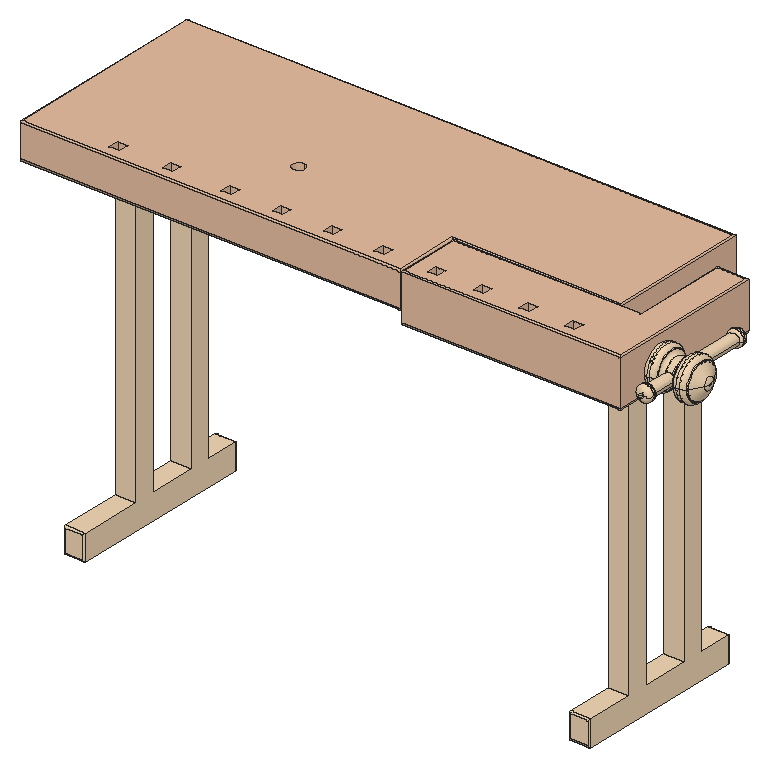
Revit family "Furniture_Other_Sjobergs_Workbench_750", category Furniture, Revit 2017
Family settings
  OmniClass Number = 23.40.70.14
  OmniClass Title = Retail and Commercial Equipment and Furnishings
  Work Plane-Based = No
  Always vertical = Yes
  Cut with Voids When Loaded = No
  Shared = No
  Room Calculation Point = No
Parameters (values of type "33074 Sjoberg Complete Working Height 750 mm")
  Weight = "21 kg + 11 kg"
  WarrantyStartDate [instance] = "n/a"
  WarrantyGuarantorParts = "n/a"
  WarrantyGuarantorLabor = "n/a"
  WarrantyDurationUnit = "Year"
  WarrantyDurationParts = "n/a"
  WarrantyDurationLabor = "n/a"
  WarrantyDescription = "n/a"
  VersionDate = "26/06/2020"  # constant formula
  Version = "1"  # constant formula
  Uniclass2015Reference = "Pr_40_50_21_76"
  Uniclass2015Description = "Desks, Tables And Worktops"
  Uniclass2 = "Pr_40_50_21"
  URL = "https://www.sjobergs.se/sortiment/skola_traslojd/index.php?id=1140&cat=36&lang=se&artnr=33074"
  Type Comments = ""
  TagNumber [instance] = "n/a"
  TableSecondaryMaterial = Ash
  TableMainMaterial = Beech
  SustainabilityPerformance = "n/a"
  Style = "n/a"
  Size = "1270x405x750 mm"
  Shape = "Sculptured"
  SerialNumber [instance] = "n/a"
  Revision = "n/a"
  ReplacementCost = "n/a"
  ProductInformation = "The top is constructed in solid, lacquered beech. The area of the top surface is 1070x405 mm and the thickness is 60 mm. Bench dogs are included. The vice sliding mechanism is smooth and if necessary can be easily adjusted. An optimal Sjobergs Front Vice 33160 can be fitted to each workbench which would increase the working possibilities."
  ProductDatasheet = "https://www.sjobergs.se/dbhires/Produktblad_1_station_2015.pdf"
  NominalLength = 1270.01 mm
  NominalHeight [instance] = 750 mm
  NominalDepth = 405 mm
  Name = "Sjobergs_Workbench_750"
  NBSReference = "45-35-20/320"
  NBSDescription = "School art, design and technology tables and workbenches;"
  ModelReference = "33074"
  ModelNumber = "n/a"
  Material = "Wood"
  ManufacturerURL = "https://www.sjobergs.se/en/"
  ManufacturerName = "Sjöbergs"
  Model = "33074 Sjoberg Complete Working Height 750 mm"
  Manufacturer = ManufacturerName  # "Sjöbergs"
  MainColor = "Wooden"
  InstallationDate [instance] = "n/a"
  IfcExportType = "TABLE"  # constant formula
  IfcExportAs = "IfcFurnishingElementType"  # constant formula
  Grade = "n/a"
  Finish = "Bench top and trestle in lacquered beech."
  Features = "Traditional designed and sturdily built."
  ExpectedLife = "n/a"
  EANNumber = ""
  DurationUnit = "Year"
  Description = "The top is constructed in solid, lacquered beech. The area of the top surface is 1070x405 mm and the thickness is 60 mm. Bench dogs are included. The vice sliding mechanism is smooth and if necessary can be easily adjusted. An optimal Sjobergs Front Vice 33160 can be fitted to each workbench which would increase the working possibilities."
  Cost = 0
  ConvergoRefNr = "0184-2005-0004-SE"
  Constituents = "33110 Bench top + 33160 Front vise + 33231 Wooden trestle + 33383 Jaw cushions front vise + 33384 Jaw cushions shoulder vise + 33636 Holdfast with insert"
  Color = MainColor  # "Wooden"
  Collection = "Planer Benches"
  CodePerformance = "n/a"
  Barcode [instance] = "n/a"
  AssetIdentifier [instance] = "n/a"
  Category = "School, Woodwork"
  Brand = ManufacturerName  # "Sjöbergs"
  BIMObjectName = "Furniture_Other_Sjobergs_Workbench_750"
  Author = "Convergo AB"  # constant formula
  AssetType = "Movable"
  AccessibilityPerformance = "n/a"
Reference planes
  plane 1 "Center (Front/Back)": y = 0
  plane 2: z = 0
  plane 3 "Center (Left/Right)": x = 0
  plane 4: x = -635.005
  plane 5: x = 635.005
  plane 6: y = 202.5
  plane 7: y = -202.5
  plane 8: z = 750
Dimensions and locks
  equal spacing: plane 4, plane 3 "Center (Left/Right)", plane 5
  "NominalLength": plane 4 to plane 5
  equal spacing: plane 6, plane 1 "Center (Front/Back)", plane 7
  "NominalDepth": plane 7 to plane 6
  "NominalHeight": plane 8 to plane 2
  aligned and locked: level to plane 2
  aligned and locked: plane 3 "Center (Left/Right)" to nested 1
  aligned and locked: plane 1 "Center (Front/Back)" to nested 1
Nested families
  nested 1: "33074" at (0, 0, 0), BenchTopMaterial <- "TableMainMaterial", SecondaryWoodMaterial <- "TableSecondaryMaterial", WoodFrame <- "TableSecondaryMaterial", type "33074"
    with WoodFrame Ash, SecondaryWoodMaterial Ash, BenchTopMaterial Beech
Definition of nested family "33074"
  Parameters (values of type "33074")
    WoodFrame [instance] = none
    SecondaryWoodMaterial [instance] = none
    BenchTopMaterial [instance] = none
  Reference planes
    plane 1 "Center (Front/Back)": y = 0
    plane 2: z = 0
    plane 3 "Center (Left/Right)": x = 0
    plane 4: x = -635.005
    plane 5: y = 202.5
    plane 6: y = -202.5
    plane 7: x = 635.005
    plane 8: z = 750
  Forms (mm)
    Extrusion 1, solid, material <- "WoodFrame", detail levels medium+fine
      sketch origin (0, -20, 0) x (1, 0, 0) y (0, 1, 0)
        loop
          line (424.995, 199.5) -> (384.995, 199.5) -> (384.995, -50.5) -> (424.995, -50.5) -> (424.995, 199.5)
        loop
          line (-575.005, 199.5) -> (-575.005, -50.5) -> (-535.005, -50.5) -> (-535.005, 199.5) -> (-575.005, 199.5)
      from 605 to 680
    Extrusion 2, solid, material <- "WoodFrame", detail levels medium+fine
      sketch origin (0, 0, 0) x (1, 0, 0) y (0, 1, 0)
        loop
          line (530.005, 52.5) -> (113.578, 52.5) -> (113.578, 2.5) -> (530.005, 2.5) -> (530.005, 52.5)
      from 645 to 655
    Extrusion 3, solid, material <- "WoodFrame", detail levels medium+fine
      sketch origin (0, -20, 0) x (1, 0, 0) y (0, 1, 0)
        loop
          line (-535.005, 149.5) -> (-575.005, 149.5) -> (-575.005, 109.5) -> (-535.005, 109.5) -> (-535.005, 149.5)
        loop
          line (-535.005, 14.5) -> (-575.005, 14.5) -> (-575.005, -25.5) -> (-535.005, -25.5) -> (-535.005, 14.5)
        loop
          line (424.995, 149.5) -> (384.995, 149.5) -> (384.995, 109.5) -> (424.995, 109.5) -> (424.995, 149.5)
        loop
          line (424.995, 14.5) -> (384.995, 14.5) -> (384.995, -25.5) -> (424.995, -25.5) -> (424.995, 14.5)
      from 50 to 605
    Extrusion 4, solid, material <- "WoodFrame", detail levels medium+fine
      sketch origin (0, 0, 0) x (1, 0, 0) y (0, 1, 0)
        loop
          line (424.995, 199.5) -> (384.995, 199.5) -> (384.995, -140.5) -> (424.995, -140.5) -> (424.995, 199.5)
        loop
          line (-575.005, 199.5) -> (-575.005, -170.5) -> (-535.005, -170.5) -> (-535.005, 199.5) -> (-575.005, 199.5)
      from 0 to 50
    Sweep 5, void
      path in 3D
        loop
          line (-575.005, -170.5, 0) -> (-535.005, -170.5, 0) -> (-535.005, -170.5, 50) -> (-575.005, -170.5, 50) -> (-575.005, -170.5, 0)
      profile origin (-575.005, -170.5, 25) x (-1, 0, 0) y (0, -1, 0)
        loop
          line (0, 0) -> (-3, 0)
          arc (-3, 0) -> (-0.879, -0.879) -> (0, -3) r 3
          line (0, -3) -> (0, 0)
    Sweep 6, void
      path in 3D
        loop
          line (-575.005, 199.5, 0) -> (-535.005, 199.5, 0) -> (-535.005, 199.5, 50) -> (-575.005, 199.5, 50) -> (-575.005, 199.5, 0)
      profile origin (-575.005, 199.5, 25) x (-1, 0, 0) y (0, -1, 0)
        loop
          line (0, 0) -> (0, 3)
          arc (0, 3) -> (-0.879, 0.879) -> (-3, 0) r 3
          line (-3, 0) -> (0, 0)
    Sweep 7, void
      path in 3D
        loop
          line (384.995, 199.5, 0) -> (424.995, 199.5, 0) -> (424.995, 199.5, 50) -> (384.995, 199.5, 50) -> (384.995, 199.5, 0)
      profile origin (384.995, 199.5, 25) x (-1, 0, 0) y (0, -1, 0)
        loop
          line (0, 0) -> (0, 3)
          arc (0, 3) -> (-0.879, 0.879) -> (-3, 0) r 3
          line (-3, 0) -> (0, 0)
    Sweep 8, void
      path in 3D
        loop
          line (384.995, -140.5, 0) -> (424.995, -140.5, 0) -> (424.995, -140.5, 50) -> (384.995, -140.5, 50) -> (384.995, -140.5, 0)
      profile origin (384.995, -140.5, 25) x (-1, 0, 0) y (0, -1, 0)
        loop
          line (0, 0) -> (-3, 0)
          arc (-3, 0) -> (-0.879, -0.879) -> (0, -3) r 3
          line (0, -3) -> (0, 0)
    Sweep 9, void
      path in 3D
        loop
          line (384.995, -70.5, 680) -> (384.995, -70.5, 605) -> (424.995, -70.5, 605) -> (424.995, -70.5, 680)
      profile origin (384.995, -70.5, 642.5) x (-1, 0, 0) y (0, -1, 0)
        loop
          line (0, 0) -> (-3, 0)
          arc (-3, 0) -> (-0.879, -0.879) -> (0, -3) r 3
          line (0, -3) -> (0, 0)
    Sweep 10, void
      path in 3D
        loop
          line (-575.005, -70.5, 605) -> (-535.005, -70.5, 605) -> (-535.005, -70.5, 680) -> (-575.005, -70.5, 680) -> (-575.005, -70.5, 605)
      profile origin (-575.005, -70.5, 642.5) x (-1, 0, 0) y (0, -1, 0)
        loop
          line (0, 0) -> (-3, 0)
          arc (-3, 0) -> (-0.879, -0.879) -> (0, -3) r 3
          line (0, -3) -> (0, 0)
    Sweep 11, void
      path in 3D
        loop
          line (-575.005, 179.5, 605) -> (-535.005, 179.5, 605) -> (-535.005, 179.5, 680) -> (-575.005, 179.5, 680) -> (-575.005, 179.5, 605)
      profile origin (-575.005, 179.5, 642.5) x (-1, 0, 0) y (0, -1, 0)
        loop
          line (0, 0) -> (0, 3)
          arc (0, 3) -> (-0.879, 0.879) -> (-3, 0) r 3
          line (-3, 0) -> (0, 0)
    Sweep 12, void
      path in 3D
        loop
          line (384.995, 179.5, 680) -> (384.995, 179.5, 605) -> (424.995, 179.5, 605) -> (424.995, 179.5, 680)
      profile origin (384.995, 179.5, 642.5) x (-1, 0, 0) y (0, -1, 0)
        loop
          line (0, 0) -> (0, 3)
          arc (0, 3) -> (-0.879, 0.879) -> (-3, 0) r 3
          line (-3, 0) -> (0, 0)
    Extrusion 13, solid, material <- "BenchTopMaterial", detail levels coarse
      sketch origin (0, 0, 0) x (1, 0, 0) y (0, 1, 0)
        loop
          line (-635.005, -202.5) -> (635.005, -202.5) -> (635.005, 202.5) -> (-635.005, 202.5) -> (-635.005, -202.5)
      from 0 to 750
  Cuts and joins
    Sweep 9, Sweep 10, Sweep 11, Sweep 12 cuts Extrusion 1
    Sweep 5, Sweep 6, Sweep 7, Sweep 8, Sweep 9, Sweep 11 cuts Extrusion 4
    joined: Extrusion 1, Extrusion 3, Extrusion 4
  Lines and regions (mm)
    sketch lines
      curve 1: line (-575.005, -170.5, 50) -> (-575.005, -170.5, 0)
      curve 2: line (-575.005, -170.5, 50) -> (-535.005, -170.5, 50)
      curve 3: line (-535.005, -170.5, 0) -> (-575.005, -170.5, 0)
      curve 4: line (-535.005, -170.5, 50) -> (-535.005, -170.5, 0)
      curve 5: line (-575.005, 199.5, 50) -> (-575.005, 199.5, 0)
      curve 6: line (-535.005, 199.5, 50) -> (-575.005, 199.5, 50)
      curve 7: line (-535.005, 199.5, 50) -> (-535.005, 199.5, 0)
      curve 8: line (-575.005, 199.5, 0) -> (-535.005, 199.5, 0)
      curve 9: line (384.995, 199.5, 50) -> (384.995, 199.5, 0)
      curve 10: line (424.995, 199.5, 50) -> (384.995, 199.5, 50)
      curve 11: line (424.995, 199.5, 50) -> (424.995, 199.5, 0)
      curve 12: line (384.995, 199.5, 0) -> (424.995, 199.5, 0)
      curve 13: line (384.995, -140.5, 50) -> (384.995, -140.5, 0)
      curve 14: line (384.995, -140.5, 50) -> (424.995, -140.5, 50)
      curve 15: line (424.995, -140.5, 50) -> (424.995, -140.5, 0)
      curve 16: line (424.995, -140.5, 0) -> (384.995, -140.5, 0)
      curve 17: line (384.995, -70.5, 680) -> (384.995, -70.5, 605)
      curve 18: line (424.995, -70.5, 680) -> (424.995, -70.5, 605)
      curve 19: line (424.995, -70.5, 605) -> (384.995, -70.5, 605)
      curve 20: line (-575.005, -70.5, 680) -> (-575.005, -70.5, 605)
      curve 21: line (-535.005, -70.5, 605) -> (-575.005, -70.5, 605)
      curve 22: line (-535.005, -70.5, 680) -> (-535.005, -70.5, 605)
      curve 23: line (-575.005, -70.5, 680) -> (-535.005, -70.5, 680)
      curve 24: line (-575.005, 179.5, 680) -> (-575.005, 179.5, 605)
      curve 25: line (-535.005, 179.5, 680) -> (-575.005, 179.5, 680)
      curve 26: line (-535.005, 179.5, 680) -> (-535.005, 179.5, 605)
      curve 27: line (-575.005, 179.5, 605) -> (-535.005, 179.5, 605)
      curve 28: line (384.995, 179.5, 680) -> (384.995, 179.5, 605)
      curve 29: line (384.995, 179.5, 605) -> (424.995, 179.5, 605)
      curve 30: line (424.995, 179.5, 680) -> (424.995, 179.5, 605)
    symbolic lines, detail levels medium+fine
      curve 31: line (434.995, 202.5, 800) -> (-635.005, 202.5, 800)
      curve 32: line (434.995, -77.5, 800) -> (434.995, 202.5, 800)
      curve 33: line (474.995, -77.5, 800) -> (434.995, -77.5, 800)
      curve 34: line (474.995, 107.5, 800) -> (474.995, -77.5, 800)
      curve 35: line (535.005, 107.5, 800) -> (474.995, 107.5, 800)
      curve 36: line (535.005, -202.5, 800) -> (535.005, -141.65, 800)
      curve 37: line (550.065, -70.213, 800) -> (544.995, -70.213, 800)
      curve 38: arc (544.995, -70.213, 800) -> (538.08, -72.99, 800) -> (535.005, -79.777, 800) r 10
      curve 39: arc (635.005, -109.246, 800) -> (634.323, -104.07, 800) -> (632.325, -99.246, 800) r 20
      curve 40: line (632.325, -99.246, 800) -> (619.893, -77.713, 800)
      curve 41: arc (619.893, -77.713, 800) -> (619.462, -77.313, 800) -> (618.88, -77.224, 800) r 1
      curve 42: arc (618.88, -77.224, 800) -> (617.925, -77.048, 800) -> (617.278, -76.324, 800) r 1.5
      curve 43: arc (617.278, -76.324, 800) -> (613.593, -71.88, 800) -> (608.065, -70.213, 800) r 10
      curve 44: line (608.065, -70.213, 800) -> (601.144, -70.213, 800)
      curve 45: arc (601.144, -70.213, 800) -> (595.503, -71.956, 800) -> (591.829, -76.577, 800) r 10
      curve 46: arc (591.829, -76.577, 800) -> (591.461, -77.039, 800) -> (590.897, -77.213, 800) r 1
      curve 47: line (590.897, -77.213, 800) -> (589.605, -77.213, 800)
      curve 48: arc (589.605, -77.213, 800) -> (588.665, -80.816, 800) -> (586.084, -83.5, 800) r 7.372
      curve 51: line (561.605, -77.213, 800) -> (560.312, -77.213, 800)
      curve 52: arc (560.312, -77.213, 800) -> (559.748, -77.039, 800) -> (559.381, -76.577, 800) r 1
      curve 53: arc (559.381, -76.577, 800) -> (555.706, -71.956, 800) -> (550.065, -70.213, 800) r 10
      curve 54: line (564.122, 22, 800) -> (564.122, -82.761, 800)
      curve 55: arc (564.122, -185, 800) -> (560.927, -186.324, 800) -> (559.603, -189.519, 800) r 4.519
      curve 56: line (559.603, -189.519, 800) -> (559.603, -192.5, 800)
      curve 57: arc (559.603, -192.5, 800) -> (562.532, -199.571, 800) -> (569.603, -202.5, 800) r 10
      curve 58: line (569.603, -202.5, 800) -> (580.603, -202.5, 800)
      curve 59: line (580.603, 39.5, 800) -> (569.603, 39.5, 800)
      curve 60: arc (569.603, 39.5, 800) -> (562.532, 36.571, 800) -> (559.603, 29.5, 800) r 10
      curve 61: line (559.603, 29.5, 800) -> (559.603, 26.519, 800)
      curve 62: arc (559.603, 26.519, 800) -> (560.927, 23.324, 800) -> (564.122, 22, 800) r 4.519
      curve 63: arc (590.603, 29.5, 800) -> (587.674, 36.571, 800) -> (580.603, 39.5, 800) r 10
      curve 64: arc (580.603, -202.5, 800) -> (587.674, -199.571, 800) -> (590.603, -192.5, 800) r 10
      curve 65: line (590.603, -192.5, 800) -> (590.603, -189.519, 800)
      curve 66: arc (590.603, -189.519, 800) -> (589.279, -186.324, 800) -> (586.084, -185, 800) r 4.519
      curve 67: line (586.084, -185, 800) -> (586.084, -137.927, 800)
      curve 68: arc (586.084, 22, 800) -> (589.279, 23.324, 800) -> (590.603, 26.519, 800) r 4.519
      curve 69: line (590.603, 26.519, 800) -> (590.603, 29.5, 800)
      curve 70: line (586.084, -83.5, 800) -> (586.084, 22, 800)
      curve 71: line (564.122, -138.665, 800) -> (564.122, -185, 800)
      curve 72: line (550.065, -151.213, 800) -> (544.995, -151.213, 800)
      curve 73: arc (544.995, -151.213, 800) -> (538.08, -148.437, 800) -> (535.005, -141.65, 800) r 10
      curve 74: line (635.005, -109.246, 800) -> (635.005, -112.181, 800)
      curve 75: arc (635.005, -112.181, 800) -> (634.323, -117.357, 800) -> (632.325, -122.181, 800) r 20
      curve 76: line (632.325, -122.181, 800) -> (619.893, -143.713, 800)
      curve 77: arc (619.893, -143.713, 800) -> (619.462, -144.114, 800) -> (618.88, -144.203, 800) r 1
      curve 78: arc (618.88, -144.203, 800) -> (617.925, -144.379, 800) -> (617.278, -145.103, 800) r 1.5
      curve 79: arc (617.278, -145.103, 800) -> (613.593, -149.547, 800) -> (608.065, -151.213, 800) r 10
      curve 80: line (608.065, -151.213, 800) -> (601.144, -151.213, 800)
      curve 81: arc (601.144, -151.213, 800) -> (595.503, -149.471, 800) -> (591.829, -144.85, 800) r 10
      curve 82: arc (591.829, -144.85, 800) -> (591.461, -144.388, 800) -> (590.897, -144.213, 800) r 1
      curve 83: line (590.897, -144.213, 800) -> (589.605, -144.213, 800)
      curve 84: arc (589.605, -144.213, 800) -> (588.665, -140.611, 800) -> (586.084, -137.927, 800) r 7.372
      curve 87: line (561.605, -144.213, 800) -> (560.312, -144.213, 800)
      curve 88: arc (560.312, -144.213, 800) -> (559.748, -144.388, 800) -> (559.381, -144.85, 800) r 1
      curve 89: arc (559.381, -144.85, 800) -> (555.706, -149.471, 800) -> (550.065, -151.213, 800) r 10
      curve 90: line (108.578, -202.5, 800) -> (535.005, -202.5, 800)
      curve 91: line (108.578, -77.5, 800) -> (108.578, -202.5, 800)
      curve 92: line (106.578, -202.5, 800) -> (106.578, -77.5, 800)
      curve 93: line (-635.005, -202.5, 800) -> (106.578, -202.5, 800)
      curve 94: line (-635.005, 202.5, 800) -> (-635.005, -202.5, 800)
      curve 133: arc (564.122, -82.761, 800) -> (562.264, -80.26, 800) -> (561.605, -77.213, 800) r 7.372
      curve 134: arc (564.122, -138.665, 800) -> (562.264, -141.167, 800) -> (561.605, -144.213, 800) r 7.372
      curve 136: line (535.005, -79.777, 800) -> (535.005, 107.5, 800)
      curve 139: line (108.578, -77.5, 800) -> (106.578, -77.5, 800)
      curve 144: line (-635.005, 0, 750) -> (-635.005, 0, 680)
      curve 145: line (-635.005, 0, 750) -> (535.005, 0, 750)
      curve 146: line (-635.005, 0, 680) -> (-575.005, 0, 680)
      curve 147: line (108.578, 0, 655) -> (108.578, 0, 680)
      curve 148: line (108.578, 0, 655) -> (113.578, 0, 655)
      curve 149: line (113.578, 0, 655) -> (113.578, 0, 645)
      curve 150: line (113.578, 0, 645) -> (384.995, 0, 645)
      curve 151: line (384.995, 0, 645) -> (384.995, 0, 0)
      curve 152: line (424.995, 0, 0) -> (424.995, 0, 645)
      curve 153: line (384.995, 0, 0) -> (424.995, 0, 0)
      curve 155: line (530.005, 0, 645) -> (424.995, 0, 645)
      curve 156: line (530.005, 0, 645) -> (530.005, 0, 655)
      curve 157: line (535.005, 0, 655) -> (530.005, 0, 655)
      curve 158: arc (632.325, 0, 684.033) -> (634.323, 0, 688.856) -> (635.005, 0, 694.033) r 20
      curve 159: arc (618.88, 0, 662.011) -> (619.462, 0, 662.099) -> (619.893, 0, 662.5) r 1
      curve 160: arc (618.88, 0, 662.011) -> (617.925, 0, 661.835) -> (617.278, 0, 661.111) r 1.5
      curve 161: arc (608.065, 0, 655) -> (613.593, 0, 656.667) -> (617.278, 0, 661.111) r 10
      curve 162: arc (591.829, 0, 661.364) -> (595.503, 0, 656.743) -> (601.144, 0, 655) r 10
      curve 163: arc (591.829, 0, 661.364) -> (591.461, 0, 661.826) -> (590.897, 0, 662) r 1
      curve 164: arc (589.605, 0, 662) -> (587.445, 0, 667.213) -> (582.232, 0, 669.372) r 7.372
      curve 165: arc (568.977, 0, 669.372) -> (563.764, 0, 667.213) -> (561.605, 0, 662) r 7.372
      curve 166: arc (560.312, 0, 662) -> (559.748, 0, 661.826) -> (559.381, 0, 661.364) r 1
      curve 167: arc (550.065, 0, 655) -> (555.706, 0, 656.743) -> (559.381, 0, 661.364) r 10
      curve 168: arc (535.005, 0, 664.564) -> (538.08, 0, 657.776) -> (544.995, 0, 655) r 10
      curve 169: arc (635.005, 0, 696.967) -> (634.323, 0, 702.144) -> (632.325, 0, 706.967) r 20
      curve 170: arc (619.893, 0, 728.5) -> (619.462, 0, 728.901) -> (618.88, 0, 728.989) r 1
      curve 171: arc (617.278, 0, 729.889) -> (617.925, 0, 729.165) -> (618.88, 0, 728.989) r 1.5
      curve 172: arc (617.278, 0, 729.889) -> (613.593, 0, 734.333) -> (608.065, 0, 736) r 10
      curve 173: arc (601.144, 0, 736) -> (595.503, 0, 734.257) -> (591.829, 0, 729.636) r 10
      curve 174: arc (590.897, 0, 729) -> (591.461, 0, 729.174) -> (591.829, 0, 729.636) r 1
      curve 175: arc (582.232, 0, 721.628) -> (587.445, 0, 723.787) -> (589.605, 0, 729) r 7.372
      curve 176: arc (561.605, 0, 729) -> (563.764, 0, 723.787) -> (568.977, 0, 721.628) r 7.372
      curve 177: arc (559.381, 0, 729.636) -> (559.748, 0, 729.174) -> (560.312, 0, 729) r 1
      curve 178: arc (559.381, 0, 729.636) -> (555.706, 0, 734.257) -> (550.065, 0, 736) r 10
      curve 179: arc (544.995, 0, 736) -> (538.08, 0, 733.224) -> (535.005, 0, 726.436) r 10
      curve 181: line (619.893, 0, 662.5) -> (632.325, 0, 684.033)
      curve 182: line (601.144, 0, 655) -> (608.065, 0, 655)
      curve 183: line (568.977, 0, 669.372) -> (582.232, 0, 669.372)
      curve 184: line (560.312, 0, 662) -> (561.605, 0, 662)
      curve 186: line (544.995, 0, 655) -> (550.065, 0, 655)
      curve 187: line (619.893, 0, 728.5) -> (632.325, 0, 706.967)
      curve 188: line (601.144, 0, 736) -> (608.065, 0, 736)
      curve 190: line (589.605, 0, 729) -> (590.897, 0, 729)
      curve 192: line (590.897, 0, 662) -> (589.605, 0, 662)
      curve 194: line (568.977, 0, 721.628) -> (582.232, 0, 721.628)
      curve 195: line (560.312, 0, 729) -> (561.605, 0, 729)
      curve 197: line (544.995, 0, 736) -> (550.065, 0, 736)
      curve 198: line (535.005, 0, 750) -> (535.005, 0, 726.436)
      curve 200: line (535.005, 0, 664.564) -> (535.005, 0, 655)
      curve 201: line (635.005, 0, 696.967) -> (635.005, 0, 694.033)
      curve 207: line (-575.005, 0, 0) -> (-535.005, 0, 0)
      curve 209: line (-575.005, 0, 0) -> (-575.005, 0, 680)
      curve 210: line (-535.005, 0, 0) -> (-535.005, 0, 680)
      curve 213: line (-535.005, 0, 680) -> (108.578, 0, 680)
      curve 214: line (0, 202.5, 750) -> (0, -202.5, 750)
      curve 215: line (0, -202.5, 750) -> (0, -202.5, 655)
      curve 216: line (0, -202.5, 655) -> (0, -70.5, 655)
      curve 217: line (0, -70.5, 604.959) -> (0, -70.5, 655)
      curve 219: line (0, -70.5, 604.959) -> (0, -45.5, 604.959)
      curve 220: line (0, 179.5, 604.959) -> (0, 179.5, 655)
      curve 221: line (0, 202.5, 655) -> (0, 179.5, 655)
      curve 223: line (0, 202.5, 750) -> (0, 202.5, 655)
      curve 225: line (0, 129.5, 604.959) -> (0, 129.5, 50.041)
      curve 226: line (0, 129.5, 50.041) -> (0, 199.5, 50.041)
      curve 227: line (0, 199.5, 50.041) -> (0, 199.5, 0)
      curve 228: line (0, 199.5, 0) -> (0, -170.5, 0)
      curve 229: line (0, -170.5, 0) -> (0, -170.5, 50.041)
      curve 230: line (0, -170.5, 50.041) -> (0, -45.5, 50.041)
      curve 232: line (0, -45.5, 604.959) -> (0, -45.5, 50.041)
      curve 235: line (0, 129.5, 604.959) -> (0, 179.5, 604.959)
    symbolic lines, detail levels fine
      curve 49: line (582.232, -84.586, 800) -> (568.977, -84.586, 800)
      curve 50: arc (568.977, -84.586, 800) -> (566.384, -84.115, 800) -> (564.122, -82.761, 800) r 7.372
      curve 85: line (582.232, -136.841, 800) -> (568.977, -136.841, 800)
      curve 86: arc (568.977, -136.841, 800) -> (566.384, -137.312, 800) -> (564.122, -138.665, 800) r 7.372
      curve 95: circle (-214.422, -49.5, 800) r 12.5 normal (0, 0, -1)
      curve 96: line (-458.422, -161.723, 800) -> (-458.422, -181.713, 800)
      curve 97: line (-458.422, -181.713, 800) -> (-478.422, -181.713, 800)
      curve 98: line (-478.422, -181.713, 800) -> (-478.422, -161.723, 800)
      curve 99: line (-478.422, -161.723, 800) -> (-458.422, -161.723, 800)
      curve 100: line (-374.422, -181.713, 800) -> (-374.422, -161.723, 800)
      curve 101: line (-374.422, -161.723, 800) -> (-354.422, -161.723, 800)
      curve 102: line (-354.422, -161.723, 800) -> (-354.422, -181.713, 800)
      curve 103: line (-354.422, -181.713, 800) -> (-374.422, -181.713, 800)
      curve 104: line (-260.422, -181.713, 800) -> (-260.422, -161.723, 800)
      curve 105: line (-260.422, -161.723, 800) -> (-240.422, -161.723, 800)
      curve 106: line (-240.422, -161.723, 800) -> (-240.422, -181.713, 800)
      curve 107: line (-240.422, -181.713, 800) -> (-260.422, -181.713, 800)
      curve 108: line (-160.422, -181.713, 800) -> (-160.422, -161.723, 800)
      curve 109: line (-160.422, -161.723, 800) -> (-140.422, -161.723, 800)
      curve 110: line (-140.422, -161.723, 800) -> (-140.422, -181.713, 800)
      curve 111: line (-140.422, -181.713, 800) -> (-160.422, -181.713, 800)
      curve 112: line (-61.422, -181.713, 800) -> (-61.422, -161.723, 800)
      curve 113: line (-61.422, -161.723, 800) -> (-41.422, -161.723, 800)
      curve 114: line (-41.422, -161.723, 800) -> (-41.422, -181.713, 800)
      curve 115: line (-41.422, -181.713, 800) -> (-61.422, -181.713, 800)
      curve 116: line (37.578, -181.713, 800) -> (37.578, -161.723, 800)
      curve 117: line (37.578, -161.723, 800) -> (57.578, -161.723, 800)
      curve 118: line (57.578, -161.723, 800) -> (57.578, -181.713, 800)
      curve 119: line (57.578, -181.713, 800) -> (37.578, -181.713, 800)
      curve 120: line (231.105, -181.713, 800) -> (231.105, -161.723, 800)
      curve 121: line (231.105, -161.723, 800) -> (251.105, -161.723, 800)
      curve 122: line (251.105, -161.723, 800) -> (251.105, -181.713, 800)
      curve 123: line (251.105, -181.713, 800) -> (231.105, -181.713, 800)
      curve 124: line (320.105, -181.713, 800) -> (320.105, -161.723, 800)
      curve 125: line (320.105, -161.723, 800) -> (340.105, -161.723, 800)
      curve 126: line (340.105, -161.723, 800) -> (340.105, -181.713, 800)
      curve 127: line (340.105, -181.713, 800) -> (320.105, -181.713, 800)
      curve 128: line (409.105, -181.713, 800) -> (409.105, -161.723, 800)
      curve 129: line (409.105, -161.723, 800) -> (429.105, -161.723, 800)
      curve 130: line (429.105, -161.723, 800) -> (429.105, -181.713, 800)
      curve 131: line (429.105, -181.713, 800) -> (409.105, -181.713, 800)
      curve 132: arc (586.084, -83.5, 800) -> (584.233, -84.309, 800) -> (582.232, -84.586, 800) r 7.372
      curve 135: arc (586.084, -137.927, 800) -> (584.233, -137.118, 800) -> (582.232, -136.841, 800) r 7.372
      curve 137: line (535.005, -141.65, 800) -> (535.005, -79.777, 800)
      curve 138: line (434.995, -77.5, 800) -> (108.578, -77.5, 800)
      curve 140: line (142.105, -181.713, 800) -> (142.105, -161.723, 800)
      curve 141: line (142.105, -161.723, 800) -> (162.105, -161.723, 800)
      curve 142: line (162.105, -161.723, 800) -> (162.105, -181.713, 800)
      curve 143: line (162.105, -181.713, 800) -> (142.105, -181.713, 800)
      curve 154: line (424.995, 0, 50) -> (384.995, 0, 50)
      curve 180: circle (575.103, 0, 695.5) r 15.5 normal (0, -1, 0)
      curve 185: line (561.605, 0, 662) -> (561.605, 0, 687.881)
      curve 189: line (589.605, 0, 700.972) -> (589.605, 0, 729)
      curve 191: line (590.897, 0, 729) -> (590.897, 0, 662)
      curve 193: line (589.605, 0, 662) -> (589.605, 0, 690.028)
      curve 196: line (561.605, 0, 729) -> (561.605, 0, 703.119)
      curve 199: line (535.005, 0, 726.436) -> (535.005, 0, 664.564)
      curve 202: line (559.381, 0, 729.636) -> (559.381, 0, 661.364)
      curve 203: line (113.578, 0, 655) -> (530.005, 0, 655)
      curve 204: line (384.995, 0, 604.914) -> (424.995, 0, 604.914)
      curve 205: line (384.995, 0, 645) -> (384.995, 0, 655)
      curve 206: line (424.995, 0, 645) -> (424.995, 0, 655)
      curve 208: line (-535.005, 0, 50) -> (-575.005, 0, 50)
      curve 211: line (-575.005, 0, 604.92) -> (-535.005, 0, 604.92)
      curve 212: line (-575.005, 0, 680) -> (-535.005, 0, 680)
      curve 218: line (0, -70.5, 655) -> (0, -70.5, 679.96)
      curve 222: line (0, 202.5, 679.96) -> (0, -202.5, 679.96)
      curve 224: line (0, 179.5, 655) -> (0, 179.5, 679.96)
      curve 231: line (0, -5.5, 50.041) -> (0, 89.5, 50.041)
      curve 233: line (0, 89.5, 605) -> (0, 89.5, 50.041)
      curve 234: line (0, -5.5, 50.041) -> (0, -5.5, 605)
      curve 236: line (0, -45.5, 604.959) -> (0, 129.5, 604.959)
      curve 237: line (0, -45.5, 50.041) -> (0, -5.5, 50.041)
      curve 238: line (0, 89.5, 50.041) -> (0, 129.5, 50.041)
      curve 239: line (108.578, 0, 680) -> (108.578, 0, 750)
  Dimensions and locks
    aligned and locked: level to plane 2
    aligned and locked: plane 5 to Extrusion 13 sketch curve
  Nested families
    nested 1: "BenchTop_33110" at (-100.005, 2.5, 655) x (0, -1, 0) z (0, 0, 1), BenchTopMaterial <- "BenchTopMaterial", SecondaryWoodMaterial <- "SecondaryWoodMaterial", type "BenchTop_33110", detail levels medium+fine
      with SecondaryWoodMaterial none, BenchTopMaterial none
  Definition of nested family "BenchTop_33110"
    Parameters (values of type "BenchTop_33110")
      SecondaryWoodMaterial [instance] = none
      BenchTopMaterial [instance] = none
    Reference planes
      plane 1 "Center (Front/Back)": y = 100.005
      plane 2: z = 0
      plane 3 "Center (Left/Right)": x = 2.5
      plane 4: x = -200
      plane 5: x = 205
      plane 6: y = 635.01
      plane 7: y = -535
      plane 8: z = 95
      plane 9: y = 735.01
      plane 10: y = 535
    Forms (mm)
      Extrusion 1, solid, material <- "BenchTopMaterial"
        sketch origin (0, 0, 0) x (1, 0, 0) y (0, 1, 0)
          loop
            line (-105, 635.01) -> (-105, 575) -> (80, 575) -> (80, 208.583) -> (205, 208.583) -> (205, 635.01) -> (-105, 635.01)
          loop
            line (164.223, 529.11) -> (164.223, 509.11) -> (184.213, 509.11) -> (184.213, 529.11) -> (164.223, 529.11)
          loop
            line (164.223, 440.11) -> (164.223, 420.11) -> (184.213, 420.11) -> (184.213, 440.11) -> (164.223, 440.11)
          loop
            line (164.223, 351.11) -> (164.223, 331.11) -> (184.213, 331.11) -> (184.213, 351.11) -> (164.223, 351.11)
          loop
            line (164.223, 262.11) -> (164.223, 242.11) -> (184.213, 242.11) -> (184.213, 262.11) -> (164.223, 262.11)
        from 0 to 95
      Revolve 2, solid, material <- "SecondaryWoodMaterial"
        sketch origin (0, 0, 40.5) x (1, 0, 0) y (0, 1, 0)
          loop
            line (101.746, 732.33) -> (80.213, 719.898)
            arc (80.213, 719.898) -> (79.813, 719.467) -> (79.724, 718.885) r 1
            arc (79.724, 718.885) -> (79.548, 717.93) -> (78.824, 717.283) r 1.5
            arc (78.824, 717.283) -> (74.38, 713.598) -> (72.713, 708.07) r 10
            line (72.713, 708.07) -> (72.713, 701.149)
            arc (72.713, 701.149) -> (74.456, 695.508) -> (79.077, 691.833) r 10
            arc (79.077, 691.833) -> (79.539, 691.466) -> (79.713, 690.902) r 1
            line (79.713, 690.902) -> (79.713, 689.61)
            arc (79.713, 689.61) -> (84.927, 687.45) -> (87.086, 682.237) r 7.372
            line (87.086, 682.237) -> (87.086, 668.982)
            arc (87.086, 668.982) -> (84.927, 663.769) -> (79.713, 661.61) r 7.372
            line (79.713, 661.61) -> (79.713, 660.317)
            arc (79.713, 660.317) -> (79.539, 659.753) -> (79.077, 659.386) r 1
            arc (79.077, 659.386) -> (74.456, 655.711) -> (72.713, 650.07) r 10
            line (72.713, 650.07) -> (72.713, 645)
            arc (72.713, 645) -> (75.642, 637.929) -> (82.713, 635) r 10
            line (82.713, 635) -> (113.213, 635) -> (113.213, 735.01) -> (111.746, 735.01)
            arc (111.746, 735.01) -> (106.57, 734.328) -> (101.746, 732.33) r 20
          axis (113.213, 735.01) -> (113.213, 635)
        angle from 0 to 360
      Revolve 3, solid, material <- "SecondaryWoodMaterial"
        sketch origin (-9.199, 0, 40.5) x (1, 0, 0) y (0, 1, 0)
          loop
            line (-27.801, 675.108) -> (214.199, 675.108) -> (214.199, 680.608)
            arc (214.199, 680.608) -> (211.27, 687.679) -> (204.199, 690.608) r 10
            line (204.199, 690.608) -> (201.218, 690.608)
            arc (201.218, 690.608) -> (198.023, 689.284) -> (196.699, 686.089) r 4.519
            line (196.699, 686.089) -> (-10.301, 686.089)
            arc (-10.301, 686.089) -> (-11.625, 689.284) -> (-14.82, 690.608) r 4.519
            line (-14.82, 690.608) -> (-17.801, 690.608)
            arc (-17.801, 690.608) -> (-24.872, 687.679) -> (-27.801, 680.608) r 10
            line (-27.801, 680.608) -> (-27.801, 675.108)
          axis (214.199, 675.108) -> (-27.801, 675.108)
        angle from 0 to 360
      Extrusion 4, solid, material <- "BenchTopMaterial"
        sketch origin (0, 0, 0) x (1, 0, 0) y (0, 1, 0)
          loop
            line (-200, 535) -> (-200, -535) -> (205, -535) -> (205, 206.583) -> (80, 206.583) -> (80, 535) -> (-200, 535)
          loop
            line (164.223, 157.583) -> (164.223, 137.583) -> (184.213, 137.583) -> (184.213, 157.583) -> (164.223, 157.583)
          loop
            line (164.223, 58.583) -> (164.223, 38.583) -> (184.213, 38.583) -> (184.213, 58.583) -> (164.223, 58.583)
          loop
            line (164.223, -40.417) -> (164.223, -60.417) -> (184.213, -60.417) -> (184.213, -40.417) -> (164.223, -40.417)
          loop
            line (164.223, -140.417) -> (164.223, -160.417) -> (184.213, -160.417) -> (184.213, -140.417) -> (164.223, -140.417)
          loop
            line (164.223, -254.417) -> (164.223, -274.417) -> (184.213, -274.417) -> (184.213, -254.417) -> (164.223, -254.417)
          loop
            line (164.223, -358.417) -> (164.223, -378.417) -> (184.213, -378.417) -> (184.213, -358.417) -> (164.223, -358.417)
          loop
            circle (52, -114.417) r 12.5
        from 25 to 95
      Sweep 5, void
        path in 3D
          loop
            line (205, 208.583, 95) -> (205, 635.01, 95) -> (-105, 635.01, 95) -> (-105, 575, 95) -> (80, 575, 95) -> (80, 208.583, 95) -> (205, 208.583, 95)
        profile origin (-105, 635.01, 95) x (0, -1, 0) y (0, 0, 1)
          loop
            line (0, 0) -> (0, -3)
            arc (0, -3) -> (0.879, -0.879) -> (3, 0) r 3
            line (3, 0) -> (0, 0)
      Sweep 6, void
        path in 3D
          loop
            line (-200, 535, 95) -> (-200, -535, 95) -> (205, -535, 95) -> (205, 206.583, 95) -> (80, 206.583, 95) -> (80, 535, 95) -> (-200, 535, 95)
        profile origin (-60, 535, 95) x (0, -1, 0) y (0, 0, 1)
          loop
            line (0, 0) -> (0, -3)
            arc (0, -3) -> (0.879, -0.879) -> (3, 0) r 3
            line (3, 0) -> (0, 0)
      Extrusion 7, solid, material <- "BenchTopMaterial"
        sketch origin (0, 0, 0) x (1, 0, 0) y (0, 1, 0)
          loop
            line (80, 475) -> (80, 535) -> (-200, 535) -> (-200, 475) -> (80, 475)
        from 0 to 25
      Extrusion 8, solid, material <- "BenchTopMaterial"
        sketch origin (0, 0, 0) x (1, 0, 0) y (0, 1, 0)
          loop
            line (205, 208.583) -> (205, 268.583) -> (-190, 268.583) -> (-190, 208.583) -> (205, 208.583)
        from 0 to 25
      Sweep 9, void
        path in 3D
          loop
            line (-200, -535, 25) -> (-200, 475, 25) -> (-200, 475, 0) -> (-200, 535, 0) -> (80, 535, 0) -> (80, 475, 0) -> (80, 475, 25) -> (80, 206.583, 25) -> (205, 206.583, 25) -> (205, -535, 25) -> (-200, -535, 25)
        profile origin (2.5, -535, 25) x (0, 1, 0) y (0, 0, -1)
          loop
            line (0, 0) -> (0, -3)
            arc (0, -3) -> (0.879, -0.879) -> (3, 0) r 3
            line (3, 0) -> (0, 0)
      Sweep 10, void
        path in 3D
          loop
            line (80, 475, 0) -> (-200, 475, 0)
        profile origin (-60, 475, 0) x (0, 1, 0) y (0, 0, -1)
          loop
            line (0, 0) -> (0, -3)
            arc (0, -3) -> (0.879, -0.879) -> (3, 0) r 3
            line (3, 0) -> (0, 0)
      Sweep 11, void
        path in 3D
          loop
            line (205, 635.01, 0) -> (205, 208.583, 0) -> (-190, 208.583, 0) -> (-190, 268.583, 0) -> (80, 268.583, 0) -> (80, 575, 0) -> (-105, 575, 0) -> (-105, 635.01, 0) -> (205, 635.01, 0)
        profile origin (50, 635.01, 0) x (0, -1, 0) y (0, 0, -1)
          loop
            line (0, 0) -> (0, -3)
            arc (0, -3) -> (0.879, -0.879) -> (3, 0) r 3
            line (3, 0) -> (0, 0)
    Cuts and joins
      Sweep 5, Sweep 11 cuts Extrusion 1
      Sweep 11 cuts Extrusion 8
      joined: Extrusion 1, Extrusion 8
      Sweep 6, Sweep 9, Sweep 10 cuts Extrusion 4
      Sweep 9, Sweep 10 cuts Extrusion 7
      joined: Extrusion 4, Extrusion 7
    Lines and regions (mm)
      sketch lines
        curve 1: line (80, 208.583, 95) -> (205, 208.583, 95)
        curve 2: line (205, 208.583, 95) -> (205, 635.01, 95)
        curve 3: line (205, 635.01, 95) -> (-105, 635.01, 95)
        curve 4: line (-105, 635.01, 95) -> (-105, 575, 95)
        curve 5: line (80, 575, 95) -> (80, 208.583, 95)
        curve 6: line (80, 535, 95) -> (-200, 535, 95)
        curve 7: line (-200, 535, 95) -> (-200, -535, 95)
        curve 8: line (-200, -535, 95) -> (205, -535, 95)
        curve 9: line (205, -535, 95) -> (205, 206.583, 95)
        curve 10: line (205, 206.583, 95) -> (80, 206.583, 95)
        curve 11: line (80, 206.583, 95) -> (80, 535, 95)
        curve 12: line (-105, 575, 95) -> (80, 575, 95)
        curve 13: line (205, -535, 25) -> (-200, -535, 25)
        curve 14: line (-200, -535, 25) -> (-200, 475, 25)
        curve 15: line (-200, 475, 25) -> (-200, 475, 0)
        curve 16: line (-200, 475, 0) -> (-200, 535, 0)
        curve 17: line (-200, 535, 0) -> (80, 535, 0)
        curve 18: line (80, 535, 0) -> (80, 475, 0)
        curve 19: line (80, 475, 25) -> (80, 475, 0)
        curve 20: line (80, 475, 25) -> (80, 206.583, 25)
        curve 21: line (80, 206.583, 25) -> (205, 206.583, 25)
        curve 22: line (205, 206.583, 25) -> (205, -535, 25)
        curve 23: line (80, 475, 0) -> (-200, 475, 0)
        curve 24: line (-105, 635.01, 0) -> (205, 635.01, 0)
        curve 25: line (205, 635.01, 0) -> (205, 208.583, 0)
        curve 26: line (-105, 575, 0) -> (-105, 635.01, 0)
        curve 27: line (80, 575, 0) -> (-105, 575, 0)
        curve 28: line (80, 268.583, 0) -> (80, 575, 0)
        curve 29: line (-190, 268.583, 0) -> (80, 268.583, 0)
        curve 30: line (-190, 208.583, 0) -> (-190, 268.583, 0)
        curve 31: line (205, 208.583, 0) -> (-190, 208.583, 0)
    Dimensions and locks
      aligned and locked: level to plane 2
